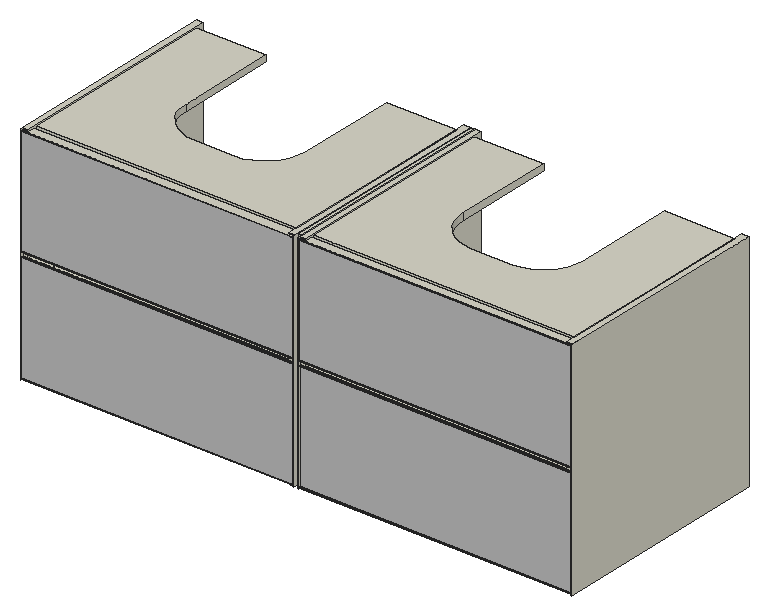
Revit family "vanity unit-hansgrohe-54197XXX-Xevolos E Vanity unit Sand Matt Beige 1370_550 with 4 drawers for consoles with 2 countertop basins ground", category Furniture, Revit 2019 (continued)
Types (6, lengths in mm): name | SURFACE | NB | Model | MIdent | LODLEVEL | LINA | IDNR | ARTNR | 54197790-SAND_MATT_BEIGE-METALLIC_SAND_BEIGE-400_RX0RY0RZ0TX0TY0TZ0_V | 54197790-SAND_MATT_BEIGE-METALLIC_SAND_BEIGE-200_RX0RY0RZ0TX0TY0TZ0_V | 54197730-SAND_MATT_BEIGE-DARK_OAK-400_RX0RY0RZ0TX0TY0TZ0_V | 54197730-SAND_MATT_BEIGE-DARK_OAK-200_RX0RY0RZ0TX0TY0TZ0_V | 54197390-SAND_MATT_BEIGE-PATTEREND_BRONZE-400_RX0RY0RZ0TX0TY0TZ0_V | 54197390-SAND_MATT_BEIGE-PATTEREND_BRONZE-200_RX0RY0RZ0TX0TY0TZ0_V
  54197390-SAND_MATT_BEIGE-PATTEREND_BRONZE-400 | "PATTEREND_BRONZE" | "54197390-SAND_MATT_BEIGE-PATTEREND_BRONZE-400" | "54197390-SAND_MATT_BEIGE-PATTEREND_BRONZE-400" | "{$CADENAS_DATA/23d-libs/hansgrohe/xevolos_furniture/e_vanity_unit_4drawers_consoles_2countertop_basin/vanity_unit_4drawers_consoles_2countertopbasin.prj},303 {VTYP=3D},{NB=54197390-SAND_MATT_BEIGE-PATTEREND_BRONZE-400},{LINA=54197390-SAND_MATT_BEIGE-PATTEREND_BRONZE-400},{NN=Vanity unit with 4 drawers for consoles with 2 countertop basins ground},{DATE=13.03.2023 11:55:27},{GEOMDATE=12.03.2023 06:39:00},{VERSION=},{LINEID=40},{WBVAR=LODLEVEL},{WBNUMERIC=}  {NB=54197390-SAND_MATT_BEIGE-PATTEREND_BRONZE-400},{LINA=54197390-SAND_MATT_BEIGE-PATTEREND_BRONZE-400},{KT=DUMMY},{IDNR=4},{ARTNR=54197390},{BASENUMBER=54197},{MODEL=54197XXX},{OBERFLAECHE=SAND_MATT_BEIGE},{SURFACE=PATTEREND_BRONZE},{L=1370},{LODLEVEL=400},{LODLEVELX='400','400','200','200'},{NAME=Xevolos E Vanity unit Sand Matt Beige 1370/550 with 4 drawers for consoles with 2 countertop basins ground},{PERMALINK=54197XXX},{OBJECTTYPE=Object (single object)},{BIMOBJECT=Sanitary: Compound units},{COLLECTIONSET=Xevolos E},{COLLECTION=vanity unit},{WEIGHT=80.8},{DESCRIPTION=Xevolos E Vanity unit Sand Matt Beige 1370/550 with 4 drawers for consoles with 2 countertop basins ground},{PRODUCTURL=https://pro.hansgrohe.com/articledetail--54197790},{GTINCODE=0},{TENDERURL=0},{IFC=Furnishing element},{ETIM=EC011381 | Bathroom furniture set},{UNICLASS2015=Pr_40_30_78_05 | Bathroom furniture},{OMNICLASS=23-21 19 15 33 13 | Residential Bathroom Specialty Casework},{MASTERFORMAT=12 35 30.23 | Bathroom Casework},{UNSPSC=56 | Furniture and Furnishings},{UNIFORMATII=E2010 | Fixed Furnishings},{REGION=Worldwide},{DESIGN=Germany},{MANUFACTURER=Germany}" | "400" | "54197390-SAND_MATT_BEIGE-PATTEREND_BRONZE-400" | 4 | "54197390" | no | no | no | no | yes | no
  54197730-SAND_MATT_BEIGE-DARK_OAK-200 | "DARK_OAK" | "54197730-SAND_MATT_BEIGE-DARK_OAK-200" | "54197730-SAND_MATT_BEIGE-DARK_OAK-200" | "{$CADENAS_DATA/23d-libs/hansgrohe/xevolos_furniture/e_vanity_unit_4drawers_consoles_2countertop_basin/vanity_unit_4drawers_consoles_2countertopbasin.prj},287 {VTYP=3D},{NB=54197730-SAND_MATT_BEIGE-DARK_OAK-200},{LINA=54197730-SAND_MATT_BEIGE-DARK_OAK-200},{NN=Vanity unit with 4 drawers for consoles with 2 countertop basins ground},{DATE=13.03.2023 11:55:27},{GEOMDATE=12.03.2023 06:39:00},{VERSION=},{LINEID=50},{WBVAR=LODLEVEL},{WBNUMERIC=}  {NB=54197730-SAND_MATT_BEIGE-DARK_OAK-200},{LINA=54197730-SAND_MATT_BEIGE-DARK_OAK-200},{KT=DUMMY},{IDNR=5},{ARTNR=54197730},{BASENUMBER=54197},{MODEL=54197XXX},{OBERFLAECHE=SAND_MATT_BEIGE},{SURFACE=DARK_OAK},{L=1370},{LODLEVEL=200},{LODLEVELX='400','400','200','200'},{NAME=Xevolos E Vanity unit Sand Matt Beige 1370/550 with 4 drawers for consoles with 2 countertop basins ground},{PERMALINK=54197XXX},{OBJECTTYPE=Object (single object)},{BIMOBJECT=Sanitary: Compound units},{COLLECTIONSET=Xevolos E},{COLLECTION=vanity unit},{WEIGHT=80.8},{DESCRIPTION=Xevolos E Vanity unit Sand Matt Beige 1370/550 with 4 drawers for consoles with 2 countertop basins ground},{PRODUCTURL=https://pro.hansgrohe.com/articledetail--54197790},{GTINCODE=0},{TENDERURL=0},{IFC=Furnishing element},{ETIM=EC011381 | Bathroom furniture set},{UNICLASS2015=Pr_40_30_78_05 | Bathroom furniture},{OMNICLASS=23-21 19 15 33 13 | Residential Bathroom Specialty Casework},{MASTERFORMAT=12 35 30.23 | Bathroom Casework},{UNSPSC=56 | Furniture and Furnishings},{UNIFORMATII=E2010 | Fixed Furnishings},{REGION=Worldwide},{DESIGN=Germany},{MANUFACTURER=Germany}" | "200" | "54197730-SAND_MATT_BEIGE-DARK_OAK-200" | 5 | "54197730" | no | no | no | yes | no | no
  54197730-SAND_MATT_BEIGE-DARK_OAK-400 | "DARK_OAK" | "54197730-SAND_MATT_BEIGE-DARK_OAK-400" | "54197730-SAND_MATT_BEIGE-DARK_OAK-400" | "{$CADENAS_DATA/23d-libs/hansgrohe/xevolos_furniture/e_vanity_unit_4drawers_consoles_2countertop_basin/vanity_unit_4drawers_consoles_2countertopbasin.prj},287 {VTYP=3D},{NB=54197730-SAND_MATT_BEIGE-DARK_OAK-400},{LINA=54197730-SAND_MATT_BEIGE-DARK_OAK-400},{NN=Vanity unit with 4 drawers for consoles with 2 countertop basins ground},{DATE=13.03.2023 11:55:27},{GEOMDATE=12.03.2023 06:39:00},{VERSION=},{LINEID=50},{WBVAR=LODLEVEL},{WBNUMERIC=}  {NB=54197730-SAND_MATT_BEIGE-DARK_OAK-400},{LINA=54197730-SAND_MATT_BEIGE-DARK_OAK-400},{KT=DUMMY},{IDNR=5},{ARTNR=54197730},{BASENUMBER=54197},{MODEL=54197XXX},{OBERFLAECHE=SAND_MATT_BEIGE},{SURFACE=DARK_OAK},{L=1370},{LODLEVEL=400},{LODLEVELX='400','400','200','200'},{NAME=Xevolos E Vanity unit Sand Matt Beige 1370/550 with 4 drawers for consoles with 2 countertop basins ground},{PERMALINK=54197XXX},{OBJECTTYPE=Object (single object)},{BIMOBJECT=Sanitary: Compound units},{COLLECTIONSET=Xevolos E},{COLLECTION=vanity unit},{WEIGHT=80.8},{DESCRIPTION=Xevolos E Vanity unit Sand Matt Beige 1370/550 with 4 drawers for consoles with 2 countertop basins ground},{PRODUCTURL=https://pro.hansgrohe.com/articledetail--54197790},{GTINCODE=0},{TENDERURL=0},{IFC=Furnishing element},{ETIM=EC011381 | Bathroom furniture set},{UNICLASS2015=Pr_40_30_78_05 | Bathroom furniture},{OMNICLASS=23-21 19 15 33 13 | Residential Bathroom Specialty Casework},{MASTERFORMAT=12 35 30.23 | Bathroom Casework},{UNSPSC=56 | Furniture and Furnishings},{UNIFORMATII=E2010 | Fixed Furnishings},{REGION=Worldwide},{DESIGN=Germany},{MANUFACTURER=Germany}" | "400" | "54197730-SAND_MATT_BEIGE-DARK_OAK-400" | 5 | "54197730" | no | no | yes | no | no | no
  54197790-SAND_MATT_BEIGE-METALLIC_SAND_BEIGE-200 | "METALLIC_SAND_BEIGE" | "54197790-SAND_MATT_BEIGE-METALLIC_SAND_BEIGE-200" | "54197790-SAND_MATT_BEIGE-METALLIC_SAND_BEIGE-200" | "{$CADENAS_DATA/23d-libs/hansgrohe/xevolos_furniture/e_vanity_unit_4drawers_consoles_2countertop_basin/vanity_unit_4drawers_consoles_2countertopbasin.prj},309 {VTYP=3D},{NB=54197790-SAND_MATT_BEIGE-METALLIC_SAND_BEIGE-200},{LINA=54197790-SAND_MATT_BEIGE-METALLIC_SAND_BEIGE-200},{NN=Vanity unit with 4 drawers for consoles with 2 countertop basins ground},{DATE=13.03.2023 11:55:27},{GEOMDATE=12.03.2023 06:39:00},{VERSION=},{LINEID=60},{WBVAR=LODLEVEL},{WBNUMERIC=}  {NB=54197790-SAND_MATT_BEIGE-METALLIC_SAND_BEIGE-200},{LINA=54197790-SAND_MATT_BEIGE-METALLIC_SAND_BEIGE-200},{KT=DUMMY},{IDNR=6},{ARTNR=54197790},{BASENUMBER=54197},{MODEL=54197XXX},{OBERFLAECHE=SAND_MATT_BEIGE},{SURFACE=METALLIC_SAND_BEIGE},{L=1370},{LODLEVEL=200},{LODLEVELX='400','400','200','200'},{NAME=Xevolos E Vanity unit Sand Matt Beige 1370/550 with 4 drawers for consoles with 2 countertop basins ground},{PERMALINK=54197XXX},{OBJECTTYPE=Object (single object)},{BIMOBJECT=Sanitary: Compound units},{COLLECTIONSET=Xevolos E},{COLLECTION=vanity unit},{WEIGHT=80.8},{DESCRIPTION=Xevolos E Vanity unit Sand Matt Beige 1370/550 with 4 drawers for consoles with 2 countertop basins ground},{PRODUCTURL=https://pro.hansgrohe.com/articledetail--54197790},{GTINCODE=0},{TENDERURL=0},{IFC=Furnishing element},{ETIM=EC011381 | Bathroom furniture set},{UNICLASS2015=Pr_40_30_78_05 | Bathroom furniture},{OMNICLASS=23-21 19 15 33 13 | Residential Bathroom Specialty Casework},{MASTERFORMAT=12 35 30.23 | Bathroom Casework},{UNSPSC=56 | Furniture and Furnishings},{UNIFORMATII=E2010 | Fixed Furnishings},{REGION=Worldwide},{DESIGN=Germany},{MANUFACTURER=Germany}" | "200" | "54197790-SAND_MATT_BEIGE-METALLIC_SAND_BEIGE-200" | 6 | "54197790" | no | yes | no | no | no | no
  54197790-SAND_MATT_BEIGE-METALLIC_SAND_BEIGE-400 | "METALLIC_SAND_BEIGE" | "54197790-SAND_MATT_BEIGE-METALLIC_SAND_BEIGE-400" | "54197790-SAND_MATT_BEIGE-METALLIC_SAND_BEIGE-400" | "{$CADENAS_DATA/23d-libs/hansgrohe/xevolos_furniture/e_vanity_unit_4drawers_consoles_2countertop_basin/vanity_unit_4drawers_consoles_2countertopbasin.prj},309 {VTYP=3D},{NB=54197790-SAND_MATT_BEIGE-METALLIC_SAND_BEIGE-400},{LINA=54197790-SAND_MATT_BEIGE-METALLIC_SAND_BEIGE-400},{NN=Vanity unit with 4 drawers for consoles with 2 countertop basins ground},{DATE=13.03.2023 11:55:27},{GEOMDATE=12.03.2023 06:39:00},{VERSION=},{LINEID=60},{WBVAR=LODLEVEL},{WBNUMERIC=}  {NB=54197790-SAND_MATT_BEIGE-METALLIC_SAND_BEIGE-400},{LINA=54197790-SAND_MATT_BEIGE-METALLIC_SAND_BEIGE-400},{KT=DUMMY},{IDNR=6},{ARTNR=54197790},{BASENUMBER=54197},{MODEL=54197XXX},{OBERFLAECHE=SAND_MATT_BEIGE},{SURFACE=METALLIC_SAND_BEIGE},{L=1370},{LODLEVEL=400},{LODLEVELX='400','400','200','200'},{NAME=Xevolos E Vanity unit Sand Matt Beige 1370/550 with 4 drawers for consoles with 2 countertop basins ground},{PERMALINK=54197XXX},{OBJECTTYPE=Object (single object)},{BIMOBJECT=Sanitary: Compound units},{COLLECTIONSET=Xevolos E},{COLLECTION=vanity unit},{WEIGHT=80.8},{DESCRIPTION=Xevolos E Vanity unit Sand Matt Beige 1370/550 with 4 drawers for consoles with 2 countertop basins ground},{PRODUCTURL=https://pro.hansgrohe.com/articledetail--54197790},{GTINCODE=0},{TENDERURL=0},{IFC=Furnishing element},{ETIM=EC011381 | Bathroom furniture set},{UNICLASS2015=Pr_40_30_78_05 | Bathroom furniture},{OMNICLASS=23-21 19 15 33 13 | Residential Bathroom Specialty Casework},{MASTERFORMAT=12 35 30.23 | Bathroom Casework},{UNSPSC=56 | Furniture and Furnishings},{UNIFORMATII=E2010 | Fixed Furnishings},{REGION=Worldwide},{DESIGN=Germany},{MANUFACTURER=Germany}" | "400" | "54197790-SAND_MATT_BEIGE-METALLIC_SAND_BEIGE-400" | 6 | "54197790" | yes | no | no | no | no | no
